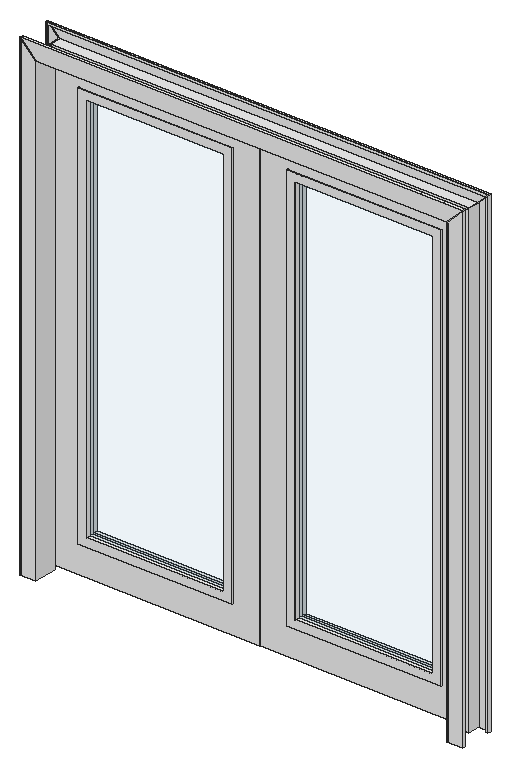
Revit family "08.Doorset_Entrance Lobby Door_ASSA ABLOY_Hardware 2D_light", category Doors, host Wall, Revit 2016 (continued)
Automatic sketch dimensions
  Sweep 15 sketch curve to Extrusion 9 = 0 mm  (x4)
  Sweep 15 sketch curve to profile plane = 0 mm
  profile plane to Sweep 15 sketch curve = 0 mm
  profile plane to Sweep 15 sketch curve = 5 mm  (x2)
  Sweep 15 sketch curve to profile plane = 30 mm
  Sweep 15 sketch curve to profile plane = 11.901 mm
  curve 63 to curve 65 = 0 mm  (x2)
  curve 67 to curve 68 = 0 mm  (x2)
  Sweep 15 to curve 73 = 11.271 mm
  curve 73 to Sweep 15 = 819.032 mm
  curve 73 to curve 68 = 12.869 mm
  Sweep 15 to curve 74 = 10.301 mm
  curve 74 to curve 72 = 17.119 mm
  Sweep 15 to curve 76 = 7.021 mm
  Sweep 15 to curve 70 = 9.737 mm
  curve 75 to curve 70 = 228 mm
  curve 70 to curve 76 = 2 mm
  curve 65 to curve 69 = 12.6 mm
  curve 68 to Sweep 15 = 57.635 mm
  curve 65 to Sweep 15 = 57.635 mm
  curve 70 to curve 77 = 1.021 mm
  curve 73 to curve 67 = 0.369 mm
  curve 63 to curve 63 = 12.5 mm
  curve 63 to curve 78 = 6.359 mm
  curve 64 to curve 69 = 5.387 mm
  curve 66 to curve 74 = 5.066 mm
  curve 79 to curve 81 = 0 mm  (x2)
  curve 82 to curve 84 = 0 mm  (x2)
  curve 89 to Sweep 14 = 8.385 mm
  curve 89 to Sweep 14 = 818.843 mm
  curve 89 to curve 83 = 11.749 mm
  curve 90 to Sweep 14 = 11.771 mm
  curve 89 to curve 90 = 24.222 mm
  Sweep 14 to curve 92 = 6.828 mm
  curve 90 to curve 92 = 18.868 mm
  curve 91 to curve 88 = 0.948 mm
  curve 88 to curve 91 = 0.467 mm
  curve 93 to Sweep 14 = 7.265 mm
  curve 91 to curve 93 = 222.629 mm
  curve 93 to curve 86 = 4.241 mm
  curve 86 to curve 92 = 1.714 mm
  curve 85 to Sweep 14 = 9.997 mm
  Sweep 14 to curve 84 = 58.337 mm
  Sweep 14 to curve 81 = 58.337 mm
  curve 82 to curve 89 = 0.751 mm
  curve 79 to curve 79 = 12.5 mm
  curve 79 to curve 94 = 0.097 mm
  curve 89 to curve 82 = 6.605 mm
  curve 94 to curve 79 = 5.367 mm
  curve 85 to curve 80 = 4.947 mm
  curve 95 to curve 82 = 78.846 mm
  curve 97 to curve 97 = 40.009 mm
  Sweep 14 to curve 96 = 60.233 mm
  curve 95 to curve 97 = 15.995 mm
  curve 96 to curve 101 = 1.945 mm
  curve 99 to curve 96 = 5.145 mm
  curve 96 to curve 101 = 0.005 mm
  curve 101 to curve 99 = 12.679 mm
  curve 100 to curve 99 = 0 mm
  curve 102 to curve 102 = 6.95 mm
  curve 104 to curve 102 = 0.881 mm
  curve 103 to curve 102 = 0.081 mm
  curve 103 to curve 102 = 1.112 mm
  curve 104 to curve 102 = 0.23 mm
  curve 102 to curve 104 = 1.75 mm
  curve 103 to curve 103 = 0.038 mm
  curve 103 to curve 103 = 0.575 mm
  curve 105 to curve 102 = 0.075 mm
  curve 102 to curve 105 = 0.949 mm
  curve 104 to curve 105 = 0.005 mm
  curve 106 to curve 105 = 0.803 mm
  curve 105 to curve 106 = 1.179 mm
  curve 105 to curve 106 = 0.003 mm
  curve 106 to curve 107 = 0.804 mm
  curve 106 to curve 107 = 1.194 mm
  curve 106 to curve 107 = 0.003 mm
  curve 108 to curve 107 = 0.807 mm
  curve 107 to curve 108 = 1.23 mm
  curve 107 to curve 108 = 0.063 mm
  curve 109 to curve 108 = 0.491 mm
  curve 109 to curve 110 = 1.667 mm
  curve 110 to curve 109 = 0.451 mm
  curve 110 to curve 108 = 0.895 mm
  curve 106 to curve 111 = 0.944 mm
  curve 106 to curve 111 = 0.549 mm
  curve 111 to curve 106 = 0.878 mm
  curve 111 to curve 112 = 0.812 mm
  curve 112 to curve 111 = 1.159 mm
  curve 112 to curve 106 = 0.87 mm
  curve 106 to curve 113 = 0.958 mm
  curve 113 to curve 106 = 0.571 mm
  curve 113 to curve 104 = 0.861 mm
  curve 113 to curve 114 = 0.806 mm
  curve 114 to curve 113 = 1.176 mm
  curve 114 to curve 103 = 0.921 mm
  curve 104 to curve 115 = 0.937 mm
  curve 115 to curve 104 = 0.437 mm
  curve 115 to curve 103 = 0.847 mm
  curve 117 to Sweep 14 = 102.36 mm
  Sweep 14 to curve 118 = 367.137 mm
  curve 118 to curve 118 = 5 mm
  Sweep 14 to curve 117 = 117.137 mm
  curve 119 to curve 117 = 42 mm
  curve 121 to Sweep 14 = 97.863 mm
  curve 123 to curve 124 = 5 mm
  plane 34 "LeftAdjWall" to curve 127 = 57.113 mm
  plane 26 "LockCenterLine" to curve 127 = 166.8 mm
  curve 126 to curve 127 = 0.8 mm
  plane 26 "LockCenterLine" to curve 126 = 49.608 mm
  curve 128 to curve 126 = 0 mm
  curve 127 to curve 128 = 1 mm
  curve 128 to curve 129 = 46 mm
  curve 130 to curve 128 = 0 mm
  curve 131 to curve 129 = 1 mm
  curve 132 to curve 130 = 0 mm
  curve 133 to curve 131 = 9.371 mm
  curve 134 to curve 127 = 9.371 mm
  curve 134 to curve 135 = 10.417 mm
  curve 134 to curve 135 = 3.279 mm
  curve 136 to curve 133 = 10.583 mm
  curve 135 to curve 136 = 2.481 mm
  curve 139 to curve 140 = 0 mm
  curve 141 to curve 130 = 3.308 mm
  curve 141 to curve 142 = 0 mm
  curve 139 to curve 145 = 8.53 mm
  curve 139 to curve 145 = 21.685 mm
  curve 145 to curve 146 = 1.231 mm
  curve 145 to curve 145 = 9.846 mm
  curve 147 to curve 146 = 4 mm
  curve 147 to curve 148 = 5.231 mm
  curve 148 to curve 149 = 4 mm
  curve 150 to curve 150 = 1.231 mm
  curve 152 to curve 152 = 1.231 mm
  curve 153 to curve 148 = 1.231 mm
  curve 147 to curve 154 = 0 mm
  curve 150 to curve 157 = 2.308 mm
  curve 157 to curve 159 = 1.231 mm
  curve 159 to curve 150 = 0 mm
  curve 158 to curve 151 = 0 mm
  curve 158 to curve 162 = 2.462 mm
  curve 162 to curve 158 = 0 mm
  curve 161 to curve 162 = 3.397 mm
  curve 161 to curve 158 = 0 mm
  curve 162 to curve 163 = 1.757 mm
  curve 163 to curve 162 = 0.142 mm
  curve 164 to curve 164 = 1.447 mm
  curve 164 to curve 164 = 0.704 mm
  curve 164 to curve 165 = 1.166 mm
  curve 165 to curve 164 = 1.683 mm
  curve 165 to curve 166 = 0.387 mm
  curve 166 to curve 165 = 2.341 mm
  curve 167 to curve 166 = 0.262 mm
  curve 167 to curve 166 = 1.987 mm
  curve 168 to curve 167 = 0.673 mm
  curve 168 to curve 167 = 1.434 mm
  curve 169 to curve 168 = 0.899 mm
  curve 169 to curve 168 = 0.893 mm
  curve 170 to curve 170 = 1.177 mm
  curve 170 to curve 170 = 0.494 mm
  curve 171 to curve 171 = 1.583 mm
  curve 171 to curve 171 = 0.168 mm
  curve 161 to curve 173 = 1.231 mm  (x2)
  curve 174 to curve 161 = 1.231 mm
  curve 174 to curve 162 = 0.022 mm
  curve 175 to curve 163 = 0.034 mm
  curve 175 to curve 163 = 1.286 mm
  curve 176 to curve 165 = 1.369 mm
  curve 165 to curve 176 = 0.01 mm
  curve 177 to curve 166 = 1.231 mm
  curve 166 to curve 177 = 0.019 mm
  curve 178 to curve 167 = 1.237 mm
  curve 167 to curve 178 = 0.144 mm
  curve 179 to curve 169 = 0.413 mm
  curve 169 to curve 179 = 1.249 mm
  curve 180 to curve 179 = 0.913 mm
  curve 180 to curve 179 = 0.502 mm
  curve 181 to curve 171 = 0.151 mm
  curve 183 to curve 185 = 0 mm  (x2)
  curve 193 to curve 195 = 0 mm  (x2)
  curve 184 to Sweep 13 = 58.337 mm
  Sweep 13 to curve 184 = 552.617 mm
  Sweep 13 to curve 187 = 8.744 mm
  curve 183 to curve 187 = 12.403 mm
  Sweep 13 to curve 189 = 6.828 mm
  curve 188 to curve 189 = 226.304 mm
  Sweep 13 to curve 191 = 9.305 mm
  curve 191 to curve 195 = 12.473 mm
  curve 193 to curve 196 = 91.346 mm
  curve 196 to curve 201 = 0.958 mm
  curve 203 to Sweep 13 = 65.636 mm
  curve 202 to curve 203 = 1.206 mm
  curve 204 to Sweep 13 = 55.156 mm
  curve 201 to curve 204 = 1.209 mm
  curve 201 to curve 200 = 1.5 mm
  curve 202 to curve 202 = 1.5 mm
  curve 204 to Sweep 13 = 52.831 mm
  curve 204 to curve 204 = 11.771 mm
  curve 198 to curve 205 = 18.436 mm
  curve 206 to Sweep 13 = 52.831 mm
  curve 205 to curve 207 = 11.481 mm
  curve 209 to curve 207 = 0 mm
  curve 206 to Sweep 13 = 55.156 mm
  curve 207 to curve 206 = 0.291 mm
  curve 209 to curve 210 = 0.294 mm
  curve 207 to curve 208 = 1.5 mm
  curve 208 to curve 211 = 2.151 mm
  curve 212 to curve 197 = 1.945 mm
  curve 199 to curve 206 = 10.919 mm
  curve 213 to curve 208 = 1.54 mm
  curve 193 to Sweep 13 = 58.337 mm
  curve 201 to curve 196 = 3.605 mm
  curve 197 to curve 212 = 0.005 mm
  curve 205 to curve 198 = 0.624 mm
  curve 183 to curve 183 = 12.5 mm
  curve 186 to curve 184 = 0.076 mm
  curve 194 to curve 191 = 0.027 mm
  Sweep 13 to curve 192 = 8.385 mm
  curve 191 to curve 192 = 24.222 mm
  curve 203 to Sweep 13 = 67.979 mm
  curve 203 to curve 205 = 4.546 mm
  curve 210 to Sweep 13 = 67.979 mm
  curve 205 to curve 210 = 4.546 mm
  curve 209 to curve 211 = 0.575 mm
  Sweep 13 to curve 186 = 9.997 mm
  curve 192 to curve 193 = 6.605 mm
  curve 187 to curve 183 = 5.367 mm
  curve 214 to curve 206 = 7.603 mm
  curve 216 to curve 217 = 0 mm  (x2)
  curve 228 to curve 229 = 0 mm
  curve 228 to curve 230 = 0 mm
  curve 239 to curve 240 = 0 mm  (x2)
  Sweep 12 to curve 218 = 9.737 mm
  curve 218 to Sweep 12 = 504.086 mm
  curve 218 to curve 215 = 12.6 mm
  Sweep 12 to curve 227 = 10.758 mm
  curve 218 to curve 227 = 24.739 mm
  curve 226 to curve 219 = 19.222 mm
  curve 219 to curve 226 = 0.246 mm
  curve 249 to Sweep 12 = 634.379 mm
  curve 249 to curve 255 = 13.121 mm
  curve 254 to curve 263 = 5 mm
  curve 262 to Sweep 12 = 319.219 mm
  curve 253 to curve 262 = 3.53 mm
  curve 254 to curve 255 = 3.53 mm
  curve 255 to curve 267 = 18.97 mm
  curve 267 to curve 265 = 18.97 mm
  curve 256 to curve 257 = 3.53 mm
  curve 258 to Sweep 12 = 322.749 mm
  curve 259 to curve 258 = 3.53 mm
  curve 259 to Sweep 12 = 314.219 mm
  curve 258 to curve 259 = 5 mm
  curve 258 to curve 250 = 11.879 mm
  curve 225 to Sweep 12 = 6.053 mm
  curve 225 to curve 225 = 226.785 mm
  curve 224 to curve 221 = 1.527 mm
  Sweep 12 to curve 223 = 10.301 mm
  curve 248 to curve 236 = 80 mm
  curve 223 to curve 229 = 12.439 mm
  curve 236 to curve 231 = 13.121 mm
  Sweep 12 to curve 222 = 11.271 mm
  curve 231 to curve 234 = 55 mm
  curve 232 to curve 243 = 3.445 mm
  curve 242 to curve 240 = 0.416 mm
  curve 242 to curve 243 = 0.904 mm
  curve 241 to curve 245 = 0.547 mm
  curve 244 to curve 246 = 0.82 mm
  curve 231 to curve 236 = 11.879 mm
  curve 228 to Sweep 12 = 57.635 mm
  curve 217 to Sweep 12 = 57.635 mm
  curve 235 to curve 258 = 92.836 mm
  curve 236 to curve 233 = 12.836 mm
  curve 231 to curve 240 = 51.063 mm
  curve 231 to curve 232 = 55 mm
  curve 239 to curve 246 = 5.244 mm
  curve 244 to curve 242 = 2.219 mm
  curve 244 to curve 241 = 0 mm
  curve 248 to curve 258 = 12.836 mm
  curve 246 to curve 237 = 9.639 mm
  curve 252 to curve 263 = 3.53 mm
  curve 258 to curve 267 = 18.97 mm
  curve 268 to curve 254 = 18.97 mm
  curve 267 to curve 257 = 18.97 mm
  curve 257 to curve 265 = 3.53 mm
  curve 257 to curve 256 = 8.53 mm
  curve 254 to curve 251 = 13.164 mm
  curve 218 to curve 215 = 0.1 mm
  curve 230 to curve 223 = 0.061 mm
  curve 217 to curve 227 = 6.359 mm
  curve 229 to curve 223 = 5.066 mm
  curve 239 to curve 241 = 1.418 mm
  curve 268 to curve 267 = 15 mm
  radius of curve 240 = 1 mm
Nested families
  nested 1: "SingleDoorPlanLines" at (883.618, 73, 15.875), type "SingleDoorPlanLines", detail levels medium+fine
  nested 2: "SingleDoorPlanLines" at (-883.618, 73, 15.875) x (-1, 0, 0) z (0, 0, 1), type "RightSingleDoorPlanLines", detail levels medium+fine
Definition of nested family "SingleDoorPlanLines"
  Parameters (values of type "SingleDoorPlanLines")
    Width = 914.4 mm
    URL = ""
    Thickness = 44.45 mm
    Analytic Construction = "<None>"
    Swing Angle = 90.00°
  Reference planes
    plane 1 "Front": y = 0
    plane 2: z = 0
    plane 3 "Right": x = 0
    plane 4 "Left": x = -914.4
  Lines and regions (mm)
    symbolic lines
      curve 1: line (0, 0, 0) -> (0, 914.4, 0)
      curve 2: line (0, 914.4, 0) -> (-44.45, 914.4, 0)
      curve 3: line (-44.45, 914.4, 0) -> (-44.45, 0, 0)
      curve 4: line (-44.45, 0, 0) -> (0, 0, 0)
      curve 6: arc (-914.365, -7.98, 0) -> (-649.394, 643.751, 0) -> (0, 914.4, 0) r 914.4
    model lines, not visible
      curve 5: line (0, 0, 0) -> (-990.562, -8.645, 0)
  Dimensions and locks
    "Thickness": curve 3 to curve 1
    "Width": curve 2 to curve 4
    "Width": plane 4 "Left" to plane 3 "Right"
    "Swing Angle": angle curve 1 to plane 1 "Front"
    locked: plane 1 "Front" to curve 5 (angle 0.50°)
  Automatic sketch dimensions
    curve 6 to plane 1 "Front" = 0 mm
    curve 6 to plane 3 "Right" = 0 mm
    curve 4 to plane 1 "Front" = 0 mm
    curve 4 to plane 3 "Right" = 0 mm
Types (4, lengths in mm): name | Width | Type Comments | Rough Width | Rough Height | Ref.Handle | R1 Height | Panel 2 Width | Panel 1 Width | P1 Width | Louver Width | Leaf 2 Width | Leaf 1 Width | Height | Frame Width | Frame Height
  886x1989 - 0.9x2.0M | 1772 | "886x1989 - 0.9x2.0M" | 1874.001 | 2040.001 | 823 | 1938.5 | 886 | 886 | 1823 | 590.8 | 880.5 | 880.5 | 1989 | 1874.001 | 2040.001
  886x2089 - 0.9x2.1M | 1792 | "886x2089 - 0.9x2.1M" | 1894.001 | 2140.001 | 833 | 2038.5 | 896 | 896 | 1843 | 600.8 | 890.5 | 890.5 | 2089 | 1894.001 | 2140.001
  1086x1989 - 1.0x2.0M | 2172 | "1086x1989 - 1.0x2.0M" | 2274.001 | 2040.001 | 1023 | 1938.5 | 1086 | 1086 | 2223 | 790.8 | 1080.5 | 1080.5 | 1989 | 2274.001 | 2040.001
  1086x2089 - 1.0x2.1M | 2172 | "1086x2089 - 1.0x2.1M" | 2274.001 | 2140.001 | 1023 | 2038.5 | 1086 | 1086 | 2223 | 790.8 | 1080.5 | 1080.5 | 2089 | 2274.001 | 2140.001
